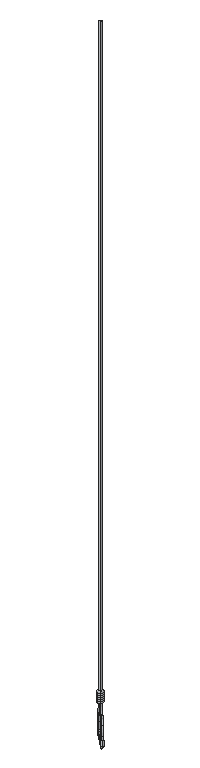
Revit family "Wire-HunterDouglas-Lay_In-Level", category Specialty Equipment, Revit 2012
Parameters (values of type "Wire Hanger")
  ecoScorecard_data = ""
  ecoScorecard Product Page = ""
  Warranty URL = "http://assets.hunterdouglascontract.com/documents/ceilings/metalsystems/limited_warranty_1.pdf"
  Wall Angle = Metal - Aluminum Frame - HunterDouglas - Painted White
  VOC Data URL = "http://assets.hunterdouglascontract.com/documents/ceilings/metalsystems/Metal1_-_Greenguard_Gold_Certificate.pdf?modDate=1386600944000"
  URL = "http://www.hunterdouglascontract.com/home/index.jsp"
  Technical Information = "http://assets.hunterdouglascontract.com/documents/ceilings/metalsystems/Lay-In_Levels_Metal_Panels_Tech_Specs.doc?modDate=1395947837000"
  Subcategory = "Metal – Plank and Tile"  # constant formula
  Smoke Developed Index = "≤ 50"  # constant formula
  Recycled Content Percentage = "Min 70%"  # constant formula
  Recyclable = yes
  Product Page URL = "http://www.hunterdouglascontract.com/ceilings/metalsystems/plank/mplanktileLayInLevels/index.jsp"
  Product Line = "Lay-In Level"  # constant formula
  Perforation Pattern Info URL = "http://www.hunterdouglascontract.com/ceilings/metalsystems/plank/mplanktileLayInLevels/index.jsp?t=perfPage"
  Panel Width Range = "6”-24”"  # constant formula
  Panel Length Range = "24”-120”"  # constant formula
  Mold Resistant = yes
  Model = "Wire Hanger"  # constant formula
  Material = "Aluminum"  # constant formula
  Manufacturer Phone = "800-366-4327"  # constant formula
  Manufacturer Fax = "770-806-0214"  # constant formula
  Manufacturer Email = "mailto:ceilings@hunterdouglas.com"
  Manufacturer Address = "5015 Oakbrook Parkway, Suite 100, Norcross GA 30093"  # constant formula
  Manufacturer = "Hunter Douglas Luxalon Metal Ceilings"  # constant formula
  Light Reflectance Average = 1
  Humidity and Sag Resistant = yes
  High Durability = yes
  Hanger Wire Length = 2' - 0"
  HPD URL = "In Process"
  GREENGUARD URL = "http://assets.hunterdouglascontract.com/documents/ceilings/metalsystems/Metal1_-_Greenguard_Gold_Certificate.pdf?modDate=1386600944000"
  GREENGUARD Certified = yes
  Flame Spread Index = "≤ 25"  # constant formula
  Fire Rating = "Class A"  # constant formula
  EPD URL = "In Process"
  Description = "Wire Hanger"  # constant formula
  Default Elevation = 0' - 0"  # constant formula
  Cost Info = "mailto:ceilings@hunterdouglas.com"
  Copyright = "© Hunter Douglas Inc., All rights reserved."  # constant formula
  Assembly Code = "C3030210"
  Additional Resources Note = "Product details, finishes, construction details, and more can be accessed on the Product Page URL."  # constant formula
  95 CSI = "09510"  # constant formula
  04 CSI = "09 51 00"  # constant formula
Reference planes (in)
  plane 1 "Center (Front/Back)": y = 0
  plane 2: z = 0
  plane 3 "Center (Left/Right)": x = 0
  plane 4: z = 24
  plane 5: through (0, 0, 48) normal (-0.7071, -0.7071, 0)
Dimensions and locks (in)
  "Hanger Wire Length": plane 4 to level
  aligned and locked: plane 2 to level
  aligned and locked: nested 1 to plane 5
  aligned and locked: nested 1 to level
Nested families (in)
  nested 1: "Wire Hanger" at (0, 0, -2.4375) x (-0.7071, 0.7071, 0) z (0, 0, 1), Hanger Wire Height <- "Hanger Wire Length", type "Parametric"
    with Hanger Wire Height 2' - 0"
Definition of nested family "Wire Hanger"
  Parameters (values of type "Parametric")
    Wire Hanger = Metal - Aluminum Frame - HunterDouglas - Painted White
    URL = "http://www.hunterdouglascontract.com/ceilings/index.jsp"
    Subcategory = "Metal – Plank and Tile"  # constant formula
    Product Line = "Lay-In"  # constant formula
    Model = "Lay-In Hanger-Wire"  # constant formula
    Manufacturer = "Hunter Douglas Luxalon Metal Ceilings"  # constant formula
    Hanger Wire Height [instance] = 3' - 0"
    Description = "Hanger_Wire"  # constant formula
    Assembly Code = "C3030200"
    95 CSI = "09510"  # constant formula
    04 CSI = "09 51 00"  # constant formula
  Reference planes (in)
    plane 1 "Center (Front/Back)": y = 0
    plane 2: z = 0
    plane 3 "Center (Left/Right)": x = 0
    plane 4: x = -0.77248
    plane 5: x = 0.77248
    plane 6: z = 2.4375
    plane 7: z = 2.5
    plane 8: z = 38.4375
  Dimensions and locks (in)
    equal spacing: plane 4, plane 3 "Center (Left/Right)", plane 5
    plane 4 to plane 5 = 0' - 1.54495"
    locked: plane 6 to plane 7 at 0.0625
    locked: plane 6 to level at 2.4375
    "Hanger Wire Height": plane 8 to plane 6
    aligned and locked: level to plane 2
    aligned and locked: plane 3 "Center (Left/Right)" to nested 1
    aligned and locked: plane 1 "Center (Front/Back)" to nested 1
    aligned and locked: plane 6 to nested 1
  Nested families (in)
    nested 1: "Wire" at (0, 0, 0), type "Parametric"
  Definition of nested family "Wire"
    Parameters (values of type "Parametric")
      Wire Hanger = Metal - Aluminum Frame - HunterDouglas - Painted White
      URL = "http://www.hunterdouglascontract.com/ceilings/index.jsp"
      Subcategory = "Metal – Linear"  # constant formula
      Product Line = "6-7 Box Series & Deep Box"  # constant formula
      Model = "6-7 Box Series & Deep Box Hanger Wire"  # constant formula
      Manufacturer = "Hunter Douglas Luxalon Metal Ceilings"  # constant formula
      HangerWire Length = 3' - 0"
      Description = "Hanger_Wire"  # constant formula
      Assembly Code = "C3030200"
      95 CSI = "09510"  # constant formula
      04 CSI = "09 51 00"  # constant formula
    Reference planes (in)
      plane 1 "Center (Front/Back)": y = 0
      plane 2: z = 0
      plane 3 "Center (Left/Right)": x = 0
      plane 4: x = -0.77248
      plane 5: x = 0.77248
      plane 6: z = 2.4375
      plane 7: z = 2.5
      plane 8: z = 38.5
    Forms (in)
      Sweep 1, solid, material "Metal - Aluminum Frame - HunterDouglas - Painted White" <- "Wire Hanger", detail levels fine
        path origin (0, 0, 0) x (1, 0, 0) y (0, 0, 1)
          loop
            line (0.03125, 38.5) -> (0.03125, 3.70793) -> (0.38236, 3.14135)
            arc (0.38236, 3.14135) -> (0.44435, 3.01623) -> (0.48166, 2.88166) r 0.73777
            line (0.48166, 2.88166) -> (0.5376, 2.56649)
            arc (0.5376, 2.56649) -> (0.51364, 2.47677) -> (0.42949, 2.4375) r 0.1098
            line (0.42949, 2.4375) -> (-0.42976, 2.4375)
            arc (-0.42976, 2.4375) -> (-0.51374, 2.47669) -> (-0.53765, 2.56622) r 0.10957
            line (-0.53765, 2.56622) -> (-0.48246, 2.87715)
            arc (-0.48246, 2.87715) -> (-0.44395, 3.01607) -> (-0.37995, 3.14524) r 0.76163
            line (-0.37995, 3.14524) -> (-0.0384, 3.69638)
        profile origin (-0.00014, 0, 2.4375) x (0, 0, -1) y (0, -1, 0)
          loop
            circle (-0.03125, 0) r 0.03125
      Revolve 2, solid, material "Metal - Aluminum Frame - HunterDouglas - Painted White" <- "Wire Hanger", detail levels fine
        sketch origin (-1.10243, 0, 0.17393) x (0.947216, 0, -0.320596) y (0.320596, 0, 0.947216)
          loop
            line (-0.19925, 4.08974) -> (-0.26999, 4.08974)
            arc (-0.26999, 4.08974) -> (-0.30124, 4.05849) -> (-0.26999, 4.02724) r 0.03125
            line (-0.26999, 4.02724) -> (-0.19925, 4.02724) -> (-0.19925, 4.08974)
          axis (-0.19925, 4.02724) -> (-0.19925, 4.08974)
        angle from 0 to 360
      Revolve 3, solid, material "Metal - Aluminum Frame - HunterDouglas - Painted White" <- "Wire Hanger", detail levels fine
        sketch origin (-1.10243, 0, 0.1083) x (0.947216, 0, -0.320596) y (0.320596, 0, 0.947216)
          loop
            line (-0.19925, 4.08974) -> (-0.26999, 4.08974)
            arc (-0.26999, 4.08974) -> (-0.30124, 4.05849) -> (-0.26999, 4.02724) r 0.03125
            line (-0.26999, 4.02724) -> (-0.19925, 4.02724) -> (-0.19925, 4.08974)
          axis (-0.19925, 4.02724) -> (-0.19925, 4.08974)
        angle from 0 to 360
      Revolve 4, solid, material "Metal - Aluminum Frame - HunterDouglas - Painted White" <- "Wire Hanger", detail levels fine
        sketch origin (-1.10243, 0, 0.04197) x (0.947216, 0, -0.320596) y (0.320596, 0, 0.947216)
          loop
            line (-0.19925, 4.08974) -> (-0.26999, 4.08974)
            arc (-0.26999, 4.08974) -> (-0.30124, 4.05849) -> (-0.26999, 4.02724) r 0.03125
            line (-0.26999, 4.02724) -> (-0.19925, 4.02724) -> (-0.19925, 4.08974)
          axis (-0.19925, 4.02724) -> (-0.19925, 4.08974)
        angle from 0 to 360
      Revolve 5, solid, material "Metal - Aluminum Frame - HunterDouglas - Painted White" <- "Wire Hanger", detail levels fine
        sketch origin (-1.10243, 0, -0.02402) x (0.947216, 0, -0.320596) y (0.320596, 0, 0.947216)
          loop
            line (-0.19925, 4.08974) -> (-0.26999, 4.08974)
            arc (-0.26999, 4.08974) -> (-0.30124, 4.05849) -> (-0.26999, 4.02724) r 0.03125
            line (-0.26999, 4.02724) -> (-0.19925, 4.02724) -> (-0.19925, 4.08974)
          axis (-0.19925, 4.02724) -> (-0.19925, 4.08974)
        angle from 0 to 360
      Revolve 6, solid, material "Metal - Aluminum Frame - HunterDouglas - Painted White" <- "Wire Hanger", detail levels fine
        sketch origin (-1.10243, 0, -0.09) x (0.947216, 0, -0.320596) y (0.320596, 0, 0.947216)
          loop
            line (-0.19925, 4.08974) -> (-0.26999, 4.08974)
            arc (-0.26999, 4.08974) -> (-0.30124, 4.05849) -> (-0.26999, 4.02724) r 0.03125
            line (-0.26999, 4.02724) -> (-0.19925, 4.02724) -> (-0.19925, 4.08974)
          axis (-0.19925, 4.02724) -> (-0.19925, 4.08974)
        angle from 0 to 360
      Revolve 7, solid, material "Metal - Aluminum Frame - HunterDouglas - Painted White" <- "Wire Hanger", detail levels fine
        sketch origin (-1.10243, 0, -0.15751) x (0.947216, 0, -0.320596) y (0.320596, 0, 0.947216)
          loop
            line (-0.19925, 4.08974) -> (-0.26999, 4.08974)
            arc (-0.26999, 4.08974) -> (-0.30124, 4.05849) -> (-0.26999, 4.02724) r 0.03125
            line (-0.26999, 4.02724) -> (-0.19925, 4.02724) -> (-0.19925, 4.08974)
          axis (-0.19925, 4.02724) -> (-0.19925, 4.08974)
        angle from 0 to 360
    Cuts and joins
      joined: Sweep 1, Revolve 3, Revolve 5, Revolve 7
    Lines and regions (in)
      model lines, style "Wire", detail levels coarse+medium
        curve 1: line (0, 0, 38.5) -> (0, 0, 2.5)
      symbolic lines, style "Wire", detail levels fine
        curve 2: line (-0.50903, 0.03125, 0) -> (-0.08588, 0.03125, 0)
        curve 3: line (0.50903, -0.03126, 0) -> (0.10541, -0.03126, 0)
        curve 4: arc (0.50903, 0.03125, 0) -> (0.54029, 0, 0) -> (0.50903, -0.03126, 0) r 0.03125
        curve 5: arc (-0.50903, 0.03125, 0) -> (-0.54029, 0, 0) -> (-0.50903, -0.03126, 0) r 0.03125
        curve 6: circle (0.00977, 0, 0) r 0.10062 normal (0, 0, 1)
        curve 7: circle (0, 0, 0) r 0.03125 normal (0, 0, 1)
        curve 8: line (0.10541, 0.03125, 0) -> (0.50903, 0.03125, 0)
        curve 9: line (-0.08587, -0.03126, 0) -> (-0.50903, -0.03126, 0)
        curve 43: line (-0.03122, 0, 38.5) -> (0.03122, 0, 38.5)
        curve 44: line (0.03122, 0, 38.5) -> (0.03122, 0, 4.1081)
        curve 45: line (-0.04684, 0, 4.13498) -> (0.08788, 0, 4.08859)
        curve 46: line (-0.07537, 0, 4.07858) -> (0.06749, 0, 4.02939)
        curve 47: arc (0.08788, 0, 4.08859) -> (0.10729, 0, 4.0488) -> (0.06749, 0, 4.02939) r 0.03131
        curve 48: arc (-0.04684, 0, 4.13498) -> (-0.08569, 0, 4.11922) -> (-0.07537, 0, 4.07858) r 0.0319
        curve 49: arc (0.08788, 0, 4.02237) -> (0.10784, 0, 3.98437) -> (0.0711, 0, 3.96216) r 0.03131
        curve 50: arc (-0.04684, 0, 4.06876) -> (-0.08551, 0, 4.05335) -> (-0.07602, 0, 4.01282) r 0.0319
        curve 51: line (-0.07602, 0, 4.01282) -> (0.0711, 0, 3.96216)
        curve 52: arc (0.08788, 0, 3.95615) -> (0.10784, 0, 3.91815) -> (0.0711, 0, 3.89594) r 0.03131
        curve 53: arc (-0.04684, 0, 4.00254) -> (-0.08551, 0, 3.98713) -> (-0.07602, 0, 3.9466) r 0.0319
        curve 54: line (-0.07602, 0, 3.9466) -> (0.0711, 0, 3.89594)
        curve 55: arc (0.08788, 0, 3.88993) -> (0.10784, 0, 3.85193) -> (0.0711, 0, 3.82972) r 0.03131
        curve 56: arc (-0.04684, 0, 3.93632) -> (-0.08551, 0, 3.92091) -> (-0.07602, 0, 3.88038) r 0.0319
        curve 57: line (-0.07602, 0, 3.88038) -> (0.0711, 0, 3.82972)
        curve 58: arc (0.08788, 0, 3.82371) -> (0.10784, 0, 3.78571) -> (0.0711, 0, 3.7635) r 0.03131
        curve 59: arc (-0.04684, 0, 3.8701) -> (-0.08551, 0, 3.85469) -> (-0.07602, 0, 3.81416) r 0.0319
        curve 60: line (-0.07602, 0, 3.81416) -> (0.0711, 0, 3.7635)
        curve 61: arc (0.08788, 0, 3.75749) -> (0.10784, 0, 3.71949) -> (0.0711, 0, 3.69728) r 0.03131
        curve 62: arc (-0.04684, 0, 3.80388) -> (-0.08551, 0, 3.78847) -> (-0.07602, 0, 3.74794) r 0.0319
        curve 63: line (-0.07602, 0, 3.74794) -> (0.0711, 0, 3.69728)
        curve 64: line (-0.0384, 0, 3.69638) -> (-0.37724, 0, 3.14961)
        curve 65: line (-0.53854, 0, 2.57083) -> (-0.47845, 0, 2.89346)
        curve 66: arc (-0.47845, 0, 2.89346) -> (-0.43931, 0, 3.02606) -> (-0.37724, 0, 3.14961) r 0.77561
        curve 67: arc (-0.53854, 0, 2.57083) -> (-0.5193, 0, 2.48393) -> (-0.44337, 0, 2.4375) r 0.11373
        curve 68: line (0.08629, 0, 3.61911) -> (-0.0384, 0, 3.69638)
        curve 69: spline (-0.02925, 0, 3.69071) -> (-0.02601, 0, 3.69164) -> (-0.02149, 0, 3.69294) -> (-0.01593, 0, 3.69453) -> (-0.00958, 0, 3.69634) -> (-0.00276, 0, 3.69828) -> (0.00419, 0, 3.70026) -> (0.01093, 0, 3.70218) -> (0.01714, 0, 3.70394) -> (0.02251, 0, 3.70547) -> (0.02678, 0, 3.70667) -> (0.02974, 0, 3.70751) -> (0.03125, 0, 3.70793)
        curve 70: line (0, 0, 3.6397) -> (-0.32412, 0, 3.11669)
        curve 71: arc (-0.41709, 0, 2.88159) -> (-0.3811, 0, 3.00329) -> (-0.32412, 0, 3.11669) r 0.71311
        curve 72: line (-0.4771, 0, 2.55939) -> (-0.41709, 0, 2.88159)
        curve 73: arc (-0.4771, 0, 2.55939) -> (-0.46843, 0, 2.52024) -> (-0.43423, 0, 2.49933) r 0.05123
        curve 74: line (0.03122, 0, 38.5) -> (-0.03122, 0, 38.5)
        curve 75: line (-0.03122, 0, 38.5) -> (-0.03122, 0, 4.1296)
        curve 76: line (0.02882, 0, 3.71184) -> (0.37724, 0, 3.14961)
        curve 77: line (0.53854, 0, 2.57083) -> (0.47845, 0, 2.89346)
        curve 78: arc (0.47845, 0, 2.89346) -> (0.43931, 0, 3.02606) -> (0.37724, 0, 3.14961) r 0.77561
        curve 79: arc (0.53854, 0, 2.57083) -> (0.5193, 0, 2.48393) -> (0.44337, 0, 2.4375) r 0.11373
        curve 80: arc (0.4771, 0, 2.55939) -> (0.46843, 0, 2.52024) -> (0.43423, 0, 2.49933) r 0.05123
        curve 81: line (0.4771, 0, 2.55939) -> (0.41709, 0, 2.88159)
        curve 82: arc (0.41709, 0, 2.88159) -> (0.3811, 0, 3.00329) -> (0.32412, 0, 3.11669) r 0.71311
        curve 83: line (0, 0, 3.6397) -> (0.32412, 0, 3.11669)
        curve 84: line (-0.43423, 0, 2.49933) -> (0.43423, 0, 2.49933)
        curve 85: line (0.44337, 0, 2.4375) -> (-0.44337, 0, 2.4375)
        curve 86: line (-0.03122, 0, 3.73252) -> (-0.03122, 0, 3.69194)
      symbolic lines, style "Wire"
        curve 10: line (0, 0.03125, 38.5) -> (0, -0.03125, 38.5)
        curve 11: line (0, 0.03125, 2.46831) -> (0, 0.03125, 3.69854)
        curve 12: line (0, -0.03125, 38.5) -> (0, -0.03125, 4.05165)
        curve 13: arc (0, -0.08474, 4.0503) -> (0, -0.10167, 4.01557) -> (0, -0.08145, 3.98266) r 0.04011
        curve 14: arc (0, -0.08145, 3.98266) -> (0, -0.04212, 3.96692) -> (0, 0, 3.96236) r 0.15569
        curve 15: arc (0, 0.08474, 4.0503) -> (0, 0.10167, 4.01557) -> (0, 0.08145, 3.98266) r 0.04011
        curve 16: arc (0, 0.08145, 3.98266) -> (0, 0.04212, 3.96692) -> (0, 0, 3.96236) r 0.15569
        curve 17: arc (0, 0.03125, 4.05165) -> (0, 0, 4.04216) -> (0, -0.03125, 4.05165) r 0.05621
        curve 18: arc (0, -0.08169, 3.9828) -> (0, -0.10172, 3.94794) -> (0, -0.08145, 3.91321) r 0.04011
        curve 19: arc (0, -0.08145, 3.91321) -> (0, -0.04212, 3.89747) -> (0, 0, 3.89291) r 0.15569
        curve 20: arc (0, 0.08169, 3.9828) -> (0, 0.10172, 3.94794) -> (0, 0.08145, 3.91321) r 0.04011
        curve 21: arc (0, 0.08145, 3.91321) -> (0, 0.04212, 3.89747) -> (0, 0, 3.89291) r 0.15569
        curve 22: arc (0, -0.08474, 3.91531) -> (0, -0.10167, 3.88058) -> (0, -0.08145, 3.84767) r 0.04011
        curve 23: arc (0, -0.08145, 3.84767) -> (0, -0.04212, 3.83193) -> (0, 0, 3.82736) r 0.15569
        curve 24: arc (0, 0.08474, 3.91531) -> (0, 0.10167, 3.88058) -> (0, 0.08145, 3.84767) r 0.04011
        curve 25: arc (0, 0.08145, 3.84767) -> (0, 0.04212, 3.83193) -> (0, 0, 3.82736) r 0.15569
        curve 26: arc (0, -0.08474, 3.84977) -> (0, -0.10167, 3.81504) -> (0, -0.08145, 3.78213) r 0.04011
        curve 27: arc (0, -0.08145, 3.78213) -> (0, -0.04212, 3.76638) -> (0, 0, 3.76182) r 0.15569
        curve 28: arc (0, 0.08474, 3.84977) -> (0, 0.10167, 3.81504) -> (0, 0.08145, 3.78213) r 0.04011
        curve 29: arc (0, 0.08145, 3.78213) -> (0, 0.04212, 3.76638) -> (0, 0, 3.76182) r 0.15569
        curve 30: arc (0, -0.08474, 3.78422) -> (0, -0.10167, 3.7495) -> (0, -0.08145, 3.71659) r 0.04011
        curve 31: arc (0, -0.08145, 3.71659) -> (0, -0.04212, 3.70084) -> (0, 0, 3.69628) r 0.15569
        curve 32: arc (0, 0.08474, 3.78422) -> (0, 0.10167, 3.7495) -> (0, 0.08145, 3.71659) r 0.04011
        curve 33: arc (0, 0.08145, 3.71659) -> (0, 0.04212, 3.70084) -> (0, 0, 3.69628) r 0.15569
        curve 34: line (0, 0.03125, 4.05165) -> (0, 0.03125, 38.5)
        curve 35: line (0, -0.03125, 3.69854) -> (0, -0.03125, 2.46831)
        curve 36: arc (0, -0.03125, 2.46831) -> (0, 0, 2.43706) -> (0, 0.03125, 2.46831) r 0.03125
        curve 37: arc (0, -0.08474, 4.11584) -> (0, -0.10167, 4.08112) -> (0, -0.08145, 4.0482) r 0.04011
        curve 38: arc (0, -0.08145, 4.0482) -> (0, -0.04212, 4.03246) -> (0, 0, 4.0279) r 0.15569
        curve 39: arc (0, 0.08474, 4.11584) -> (0, 0.10167, 4.08112) -> (0, 0.08145, 4.0482) r 0.04011
        curve 40: arc (0, 0.08145, 4.0482) -> (0, 0.04212, 4.03246) -> (0, 0, 4.0279) r 0.15569
        curve 41: arc (0, -0.08474, 4.11584) -> (0, -0.05931, 4.12919) -> (0, -0.03125, 4.13531) r 0.10721
        curve 42: arc (0, 0.08474, 4.11584) -> (0, 0.05931, 4.12919) -> (0, 0.03125, 4.13531) r 0.10721
    Dimensions and locks (in)
      equal spacing: plane 4, plane 3 "Center (Left/Right)", plane 5
      plane 4 to plane 5 = 0' - 1.54495"
      locked: plane 6 to plane 7 at 0.0625
      locked: plane 6 to level at 2.4375
      "HangerWire Length": plane 8 to plane 7
      aligned and locked: level to plane 2
      aligned and locked: Sweep 1 sketch curve to plane 6
      aligned and locked: plane 8 to Sweep 1 sketch curve
      aligned and locked: curve 1 to plane 3 "Center (Left/Right)"
      aligned and locked: plane 7 to curve 1
      aligned and locked: plane 8 to curve 1
      aligned and locked: curve 7 to cut or joined group of Sweep 1, Revolve 3, Revolve 5, Revolve 7
      aligned and locked: curve 68 to cut or joined group of Sweep 1, Revolve 3, Revolve 5, Revolve 7
    Automatic sketch dimensions
      Sweep 1 sketch curve to plane 1 "Center (Front/Back)" = 0' - 0"
      profile plane to Sweep 1 sketch curve = 0' - 0 1/32"
      Revolve 2 sketch curve to plane 3 "Center (Left/Right)" = 0' - 0.06706"
      Revolve 2 sketch curve to Revolve 2 sketch curve = 0' - 0.07074"
      Revolve 2 sketch curve to Revolve 2 sketch curve = 0' - 0"  (x2)
      Revolve 2 sketch curve to Revolve 2 sketch curve = 0' - 0 1/32"
      Revolve 2 sketch curve to Revolve 2 sketch curve = 0' - 0.02781"
      Revolve 3 sketch curve to plane 3 "Center (Left/Right)" = 0' - 0.06706"
      Revolve 3 sketch curve to Revolve 3 sketch curve = 0' - 0.07074"
      Revolve 3 sketch curve to Revolve 3 sketch curve = 0' - 0"  (x2)
      Revolve 3 sketch curve to Revolve 3 sketch curve = 0' - 0 1/32"
      Revolve 3 sketch curve to Revolve 3 sketch curve = 0' - 0.02781"
      Revolve 4 sketch curve to plane 3 "Center (Left/Right)" = 0' - 0.06706"
      Revolve 4 sketch curve to Revolve 4 sketch curve = 0' - 0.07074"
      Revolve 4 sketch curve to Revolve 4 sketch curve = 0' - 0"  (x2)
      Revolve 4 sketch curve to Revolve 4 sketch curve = 0' - 0 1/32"
      Revolve 4 sketch curve to Revolve 4 sketch curve = 0' - 0.02781"
      Revolve 5 sketch curve to plane 3 "Center (Left/Right)" = 0' - 0.06706"
      Revolve 5 sketch curve to Revolve 5 sketch curve = 0' - 0.07074"
      Revolve 5 sketch curve to Revolve 5 sketch curve = 0' - 0"  (x2)
      Revolve 5 sketch curve to Revolve 5 sketch curve = 0' - 0 1/32"
      Revolve 5 sketch curve to Revolve 5 sketch curve = 0' - 0.02781"
      Revolve 6 sketch curve to plane 3 "Center (Left/Right)" = 0' - 0.06706"
      Revolve 6 sketch curve to Revolve 6 sketch curve = 0' - 0.07074"
      Revolve 6 sketch curve to Revolve 6 sketch curve = 0' - 0"  (x2)
      Revolve 6 sketch curve to Revolve 6 sketch curve = 0' - 0 1/32"
      Revolve 6 sketch curve to Revolve 6 sketch curve = 0' - 0.02781"
      Revolve 7 sketch curve to plane 3 "Center (Left/Right)" = 0' - 0.06706"
      Revolve 7 sketch curve to Revolve 7 sketch curve = 0' - 0.07074"
      Revolve 7 sketch curve to Revolve 7 sketch curve = 0' - 0"  (x2)
      Revolve 7 sketch curve to Revolve 7 sketch curve = 0' - 0 1/32"
      Revolve 7 sketch curve to Revolve 7 sketch curve = 0' - 0.02781"
      plane 7 to Sweep 1 sketch curve = 0' - 0.06622"
      Sweep 1 sketch curve to plane 4 = 0' - 0.23483"
      Sweep 1 sketch curve to plane 4 = 0' - 0.29002"
      Sweep 1 sketch curve to Sweep 1 sketch curve = 0' - 0.10788"
      Sweep 1 sketch curve to Sweep 1 sketch curve = 0' - 0.10251"
      Sweep 1 sketch curve to plane 3 "Center (Left/Right)" = 0' - 0.24476"
      Sweep 1 sketch curve to plane 3 "Center (Left/Right)" = 0' - 0.0384"
      plane 3 "Center (Left/Right)" to Sweep 1 sketch curve = 0' - 0 1/32"
      plane 3 "Center (Left/Right)" to Sweep 1 sketch curve = 0' - 0.26745"
      plane 3 "Center (Left/Right)" to Sweep 1 sketch curve = 0' - 0.38236"
      Sweep 1 sketch curve to plane 5 = 0' - 0.34298"
      Sweep 1 sketch curve to Sweep 1 sketch curve = 0' - 0.21421"
      plane 7 to Sweep 1 sketch curve = 0' - 0.06649"
      Sweep 1 sketch curve to Sweep 1 sketch curve = 0' - 0.10811"
      plane 7 to Sweep 1 sketch curve = 0' - 0.24405"
      plane 7 to Sweep 1 sketch curve = 0' - 0.25273"
      Sweep 1 sketch curve to Sweep 1 sketch curve = 0' - 0.12442"
      Sweep 1 sketch curve to Sweep 1 sketch curve = 0' - 0.13761"
      Sweep 1 sketch curve to Sweep 1 sketch curve = 0' - 0.55114"
      Sweep 1 sketch curve to Sweep 1 sketch curve = 0' - 0.01154"
      plane 7 to Revolve 2 sketch curve = 0' - 1.57516"
      plane 7 to Revolve 3 sketch curve = 0' - 1.50953"
      plane 7 to Revolve 4 sketch curve = 0' - 1.44319"
      plane 7 to Revolve 5 sketch curve = 0' - 1.37721"
      plane 7 to Revolve 6 sketch curve = 0' - 1.31123"
      plane 7 to Revolve 7 sketch curve = 0' - 1.24371"
      plane 1 "Center (Front/Back)" to curve 6 = 0' - 0"
      curve 2 to plane 1 "Center (Front/Back)" = 0' - 0 1/32"
      curve 2 to plane 4 = 0' - 0.26344"
      plane 3 "Center (Left/Right)" to curve 6 = 0' - 0.00977"
      plane 1 "Center (Front/Back)" to curve 3 = 0' - 0 1/32"
      curve 3 to plane 5 = 0' - 0.26344"
      plane 3 "Center (Left/Right)" to curve 8 = 0' - 0.10541"
      plane 1 "Center (Front/Back)" to curve 4 = 0' - 0"
      plane 1 "Center (Front/Back)" to curve 5 = 0' - 0 1/32"
      curve 12 to plane 8 = 0' - 0"
      curve 17 to plane 1 "Center (Front/Back)" = 0' - 0"
      curve 25 to plane 1 "Center (Front/Back)" = 0' - 0"
      curve 21 to plane 1 "Center (Front/Back)" = 0' - 0"
      curve 33 to plane 1 "Center (Front/Back)" = 0' - 0"
      curve 38 to plane 1 "Center (Front/Back)" = 0' - 0"
      curve 36 to plane 1 "Center (Front/Back)" = 0' - 0"
      curve 14 to plane 1 "Center (Front/Back)" = 0' - 0"
      curve 27 to plane 1 "Center (Front/Back)" = 0' - 0"
      plane 1 "Center (Front/Back)" to curve 19 = 0' - 0.00445"
      plane 1 "Center (Front/Back)" to curve 23 = 0' - 0.00445"
      plane 1 "Center (Front/Back)" to curve 14 = 0' - 0.00445"
      plane 1 "Center (Front/Back)" to curve 27 = 0' - 0.00445"
      plane 1 "Center (Front/Back)" to curve 38 = 0' - 0.00445"
      plane 1 "Center (Front/Back)" to curve 31 = 0' - 0.00445"
      plane 1 "Center (Front/Back)" to curve 41 = 0' - 0.02264"
      plane 1 "Center (Front/Back)" to curve 10 = 0' - 0 1/32"
      curve 36 to curve 36 = 0' - 0 1/32"
      curve 30 to curve 35 = 0' - 0.03036"
      plane 1 "Center (Front/Back)" to curve 26 = 0' - 0.06161"
      curve 13 to curve 41 = 0' - 0.03896"
      plane 1 "Center (Front/Back)" to curve 22 = 0' - 0.06161"
      curve 27 to curve 30 = 0' - 0.01984"
      curve 18 to curve 22 = 0' - 0.01984"
      curve 30 to curve 30 = 0' - 0.01984"
      curve 26 to curve 27 = 0' - 0"
      curve 38 to curve 13 = 0' - 0.01984"
      curve 37 to curve 38 = 0' - 0"
      curve 19 to curve 18 = 0' - 0"
      curve 31 to curve 30 = 0' - 0"
      curve 22 to curve 26 = 0' - 0.01984"
      curve 13 to curve 18 = 0' - 0.01984"
      curve 14 to curve 13 = 0' - 0"
      curve 23 to curve 22 = 0' - 0"
      curve 18 to curve 13 = 0' - 0.00025"
      curve 30 to curve 26 = 0' - 0.0033"
      curve 13 to curve 38 = 0' - 0.0033"
      curve 22 to curve 19 = 0' - 0.0033"
      curve 41 to curve 37 = 0' - 0.02313"
      curve 26 to curve 22 = 0' - 0.0033"
      curve 25 to plane 1 "Center (Front/Back)" = 0' - 0.00445"
      curve 29 to plane 1 "Center (Front/Back)" = 0' - 0.00445"
      curve 40 to plane 1 "Center (Front/Back)" = 0' - 0.00445"
      curve 16 to plane 1 "Center (Front/Back)" = 0' - 0.00445"
      curve 33 to plane 1 "Center (Front/Back)" = 0' - 0.00445"
      curve 21 to plane 1 "Center (Front/Back)" = 0' - 0.00445"
      curve 42 to plane 1 "Center (Front/Back)" = 0' - 0.02264"
      curve 10 to plane 1 "Center (Front/Back)" = 0' - 0 1/32"
      curve 24 to plane 1 "Center (Front/Back)" = 0' - 0.06161"
      curve 42 to curve 15 = 0' - 0.03896"
      curve 11 to curve 32 = 0' - 0.03036"
      curve 28 to plane 1 "Center (Front/Back)" = 0' - 0.06161"
      curve 20 to curve 16 = 0' - 0.01984"
      curve 32 to curve 28 = 0' - 0.01984"
      curve 28 to curve 25 = 0' - 0.01984"
      curve 24 to curve 25 = 0' - 0"
      curve 29 to curve 28 = 0' - 0"
      curve 32 to curve 32 = 0' - 0.01984"
      curve 24 to curve 21 = 0' - 0.01984"
      curve 20 to curve 21 = 0' - 0"
      curve 15 to curve 16 = 0' - 0"
      curve 15 to curve 40 = 0' - 0.01984"
      curve 39 to curve 40 = 0' - 0"
      curve 33 to curve 32 = 0' - 0"
      curve 16 to curve 20 = 0' - 0.00025"
      curve 39 to curve 39 = 0' - 0.02313"
      curve 28 to curve 32 = 0' - 0.0033"
      curve 25 to curve 28 = 0' - 0.0033"
      curve 20 to curve 24 = 0' - 0.0033"
      plane 7 to curve 40 = 0' - 1.68352"
      curve 38 to curve 40 = 0' - 0"
      curve 42 to curve 40 = 0' - 0.04821"
      curve 41 to curve 38 = 0' - 0.04821"
      curve 41 to curve 41 = 0' - 0.01947"
      curve 14 to curve 41 = 0' - 0.01733"
      curve 14 to curve 16 = 0' - 0"
      curve 17 to curve 14 = 0' - 0.01961"
      curve 38 to curve 21 = 0' - 0.02063"
      curve 19 to curve 21 = 0' - 0"
      curve 16 to curve 25 = 0' - 0.02063"
      curve 23 to curve 25 = 0' - 0"
      curve 16 to curve 20 = 0' - 0.00014"
      curve 19 to curve 29 = 0' - 0.02454"
      curve 27 to curve 29 = 0' - 0"
      curve 20 to curve 24 = 0' - 0.00209"
      curve 25 to curve 33 = 0' - 0.02454"
      curve 31 to curve 33 = 0' - 0"
      curve 22 to curve 26 = 0' - 0.00209"
      curve 28 to curve 32 = 0' - 0.00209"
      curve 36 to plane 6 = 0' - 0.03081"
      curve 37 to curve 41 = 0' - 0.05349"
      curve 18 to curve 13 = 0' - 0.02008"
      curve 39 to curve 39 = 0' - 0.01984"
      curve 20 to curve 24 = 0' - 0.02313"
      curve 39 to curve 15 = 0' - 0.0033"
      curve 31 to curve 38 = 0' - 0.33162"
      curve 41 to curve 12 = 0' - 0.0232"
      curve 66 to curve 71 = 0' - 0"  (x2)
      curve 67 to curve 73 = 0' - 0"  (x2)
      curve 78 to curve 82 = 0' - 0"  (x2)
      curve 79 to curve 80 = 0' - 0"  (x2)
      curve 67 to plane 6 = 0' - 0"
      curve 74 to plane 8 = 0' - 0"
      curve 83 to plane 3 "Center (Left/Right)" = 0' - 0"
      curve 69 to plane 3 "Center (Left/Right)" = 0' - 0.02925"
      curve 86 to curve 69 = 0' - 0.00197"
      curve 75 to plane 3 "Center (Left/Right)" = 0' - 0.03122"
      curve 69 to curve 86 = 0' - 0.00021"
      curve 64 to curve 86 = 0' - 0.00718"
      curve 62 to plane 3 "Center (Left/Right)" = 0' - 0.04684"
      curve 48 to curve 75 = 0' - 0 1/64"
      curve 59 to plane 3 "Center (Left/Right)" = 0' - 0.04684"
      curve 53 to plane 3 "Center (Left/Right)" = 0' - 0.04684"
      curve 56 to plane 3 "Center (Left/Right)" = 0' - 0.04684"
      curve 50 to plane 3 "Center (Left/Right)" = 0' - 0.04684"
      curve 59 to curve 59 = 0' - 0.01039"
      curve 50 to curve 50 = 0' - 0.01039"
      curve 48 to curve 48 = 0' - 0.01039"
      curve 62 to curve 62 = 0' - 0.01039"
      curve 56 to curve 56 = 0' - 0.01039"
      curve 53 to curve 53 = 0' - 0.01039"
      curve 46 to curve 50 = 0' - 0.02853"
      curve 59 to curve 62 = 0' - 0.02918"
      curve 54 to curve 56 = 0' - 0.02918"
      curve 63 to curve 62 = 0' - 0.01879"
      curve 56 to curve 59 = 0' - 0.02918"
      curve 50 to curve 53 = 0' - 0.02918"
      curve 70 to plane 3 "Center (Left/Right)" = 0' - 0.32412"
      curve 64 to curve 71 = 0' - 0.05313"
      curve 71 to curve 78 = 0' - 0.13505"
      plane 7 to curve 73 = 0' - 0.05001"
      curve 73 to curve 78 = 0' - 0.14469"
      curve 73 to plane 7 = 0' - 0.00067"
      curve 73 to curve 67 = 0' - 0.0075"
      curve 85 to curve 84 = 0' - 0.00915"
      curve 73 to curve 67 = 0' - 0.05037"
      curve 65 to curve 71 = 0' - 0.06136"
      plane 7 to curve 65 = 0' - 0.07083"
      plane 3 "Center (Left/Right)" to curve 69 = 0' - 0"
      plane 3 "Center (Left/Right)" to curve 76 = 0' - 0.02882"
      plane 3 "Center (Left/Right)" to curve 43 = 0' - 0.03122"
      curve 76 to curve 69 = 0' - 0.00243"
      plane 3 "Center (Left/Right)" to curve 47 = 0' - 0.06749"
      curve 69 to curve 63 = 0' - 0.03985"
      curve 58 to curve 63 = 0' - 0"
      curve 47 to curve 49 = 0' - 0.00361"
      curve 55 to curve 60 = 0' - 0"
      curve 51 to curve 54 = 0' - 0"
      curve 63 to curve 61 = 0' - 0.00658"
      curve 57 to curve 55 = 0' - 0.00658"
      curve 46 to curve 47 = 0' - 0.01019"
      curve 49 to curve 49 = 0' - 0.00658"
      curve 60 to curve 58 = 0' - 0.00658"
      curve 54 to curve 52 = 0' - 0.00658"
      curve 61 to curve 68 = 0' - 0.01519"
      curve 47 to curve 49 = 0' - 0.02038"
      curve 58 to curve 61 = 0' - 0.01678"
      curve 51 to curve 52 = 0' - 0.01678"
      curve 55 to curve 58 = 0' - 0.01678"
      curve 47 to curve 47 = 0' - 0.01019"
      curve 52 to curve 55 = 0' - 0.01678"
      plane 3 "Center (Left/Right)" to curve 71 = 0' - 0.28204"
      plane 3 "Center (Left/Right)" to curve 83 = 0' - 0.32412"
      curve 83 to curve 76 = 0' - 0.05313"
      curve 66 to curve 81 = 0' - 0.13505"
      plane 7 to curve 80 = 0' - 0.05001"
      curve 66 to curve 80 = 0' - 0.14469"
      curve 79 to curve 80 = 0' - 0.0075"
      curve 84 to curve 79 = 0' - 0.00915"
      curve 79 to curve 80 = 0' - 0.05037"
      curve 81 to curve 78 = 0' - 0.06136"
      curve 80 to curve 79 = 0' - 0.06144"
      curve 79 to curve 71 = 0' - 0.19104"
      curve 67 to curve 82 = 0' - 0.19104"
      curve 66 to curve 81 = 0' - 0.14054"
      curve 71 to curve 65 = 0' - 0.01187"
      curve 81 to curve 78 = 0' - 0.01187"
      curve 83 to curve 69 = 0' - 0.05101"
      curve 69 to curve 86 = 0' - 0.00186"
      curve 63 to curve 69 = 0' - 0.01064"
      curve 63 to curve 61 = 0' - 0.03061"
      curve 64 to curve 86 = 0' - 0.03613"
      curve 61 to curve 58 = 0' - 0.00601"
      curve 62 to curve 62 = 0' - 0.02577"
      curve 60 to curve 58 = 0' - 0.03061"
      curve 62 to curve 60 = 0' - 0.01028"
      curve 58 to curve 57 = 0' - 0.00601"
      curve 60 to curve 59 = 0' - 0.02577"
      curve 57 to curve 55 = 0' - 0.03061"
      curve 59 to curve 57 = 0' - 0.01028"
      curve 55 to curve 54 = 0' - 0.00601"
      curve 56 to curve 56 = 0' - 0.02577"
      curve 54 to curve 52 = 0' - 0.03061"
      curve 56 to curve 53 = 0' - 0.01028"
      curve 52 to curve 49 = 0' - 0.00601"
      curve 53 to curve 53 = 0' - 0.02577"
      curve 49 to curve 49 = 0' - 0.03061"
      curve 53 to curve 51 = 0' - 0.01028"
      curve 49 to curve 47 = 0' - 0.00702"
      curve 51 to curve 50 = 0' - 0.02577"
      curve 46 to curve 47 = 0' - 0.0296"
      curve 46 to curve 48 = 0' - 0.02623"
      radius of Sweep 1 sketch curve = 0' - 0 1/32"
